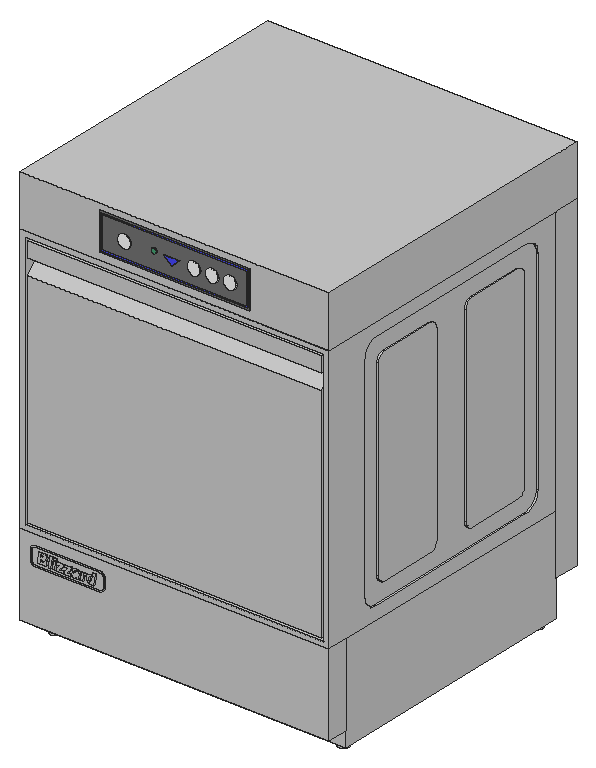
Revit family "QF_BLIZZARD_STORM50", category Specialty Equipment, Revit 2016
Family settings
  Part Type = Normal
  Round Connector Dimension = Use Diameter
  OmniClass Number = 23.40.40.14.31
  OmniClass Title = Cleaning and Disposal Equipment
  Work Plane-Based = No
  Always vertical = Yes
  Cut with Voids When Loaded = No
  Shared = No
  Room Calculation Point = No
Parameters (values of type "STORM50")
  URL = "www.blizzardequipment.com"
  Show Logo [instance] = yes
  Show Clearance [instance] = yes
  Model = "STORM50"
  Manufacturer = "BLIZZARD"
  Legs height [instance] = 170 mm
  Description = "STORM GLASSWASHER 500X500MM"
  Assembly Code = "E1090320"
Reference planes
  plane 1 "Back": y = 0
  plane 2: z = 0
  plane 3 "Left": x = 0
  plane 4 "Right": x = 600
  plane 5 "Front": y = -600
  plane 6 "Top": z = 820
Forms (mm)
  Extrusion 1, solid
    sketch origin (50, 687.394, 40) x (0, -1, 0) y (0, 0, 1)
      loop
        line (687.394, 680.013) -> (687.394, 42.551) -> (737.394, 42.551) -> (737.394, 680.013) -> (687.394, 680.013)
    from -550 to 50
  Extrusion 2, solid
    sketch origin (50, 577.394, 145) x (0, -1, 0) y (0, 0, 1)
      loop
        line (577.394, 675) -> (577.394, 575.013) -> (1177.394, 575.013) -> (1177.394, 675) -> (577.394, 675)
    from -550 to 50
  Extrusion 3, solid
    sketch origin (50, 577.394, -370) x (0, -1, 0) y (0, 0, 1)
      loop
        line (627.394, 570) -> (627.394, 381.179) -> (1137.394, 381.179) -> (1137.394, 570) -> (627.394, 570)
    from -550 to 50
  Extrusion 4, solid
    sketch origin (5.431, 66.549, -127.332) x (0, 1, 0) y (0, 0, 1)
      loop
        line (-193.549, 402.332) -> (-193.549, 772.345)
        arc (-193.549, 772.345) -> (-197.942, 782.952) -> (-208.549, 787.345) r 15
        line (-208.549, 787.345) -> (-318.549, 787.345)
        arc (-318.549, 787.345) -> (-329.155, 782.952) -> (-333.549, 772.345) r 15
        line (-333.549, 772.345) -> (-333.549, 402.332)
        arc (-333.549, 402.332) -> (-329.155, 391.725) -> (-318.549, 387.332) r 15
        line (-318.549, 387.332) -> (-208.549, 387.332)
        arc (-208.549, 387.332) -> (-197.942, 391.725) -> (-193.549, 402.332) r 15
      loop
        line (-406.549, 402.332) -> (-406.549, 772.345)
        arc (-406.549, 772.345) -> (-410.942, 782.952) -> (-421.549, 787.345) r 15
        line (-421.549, 787.345) -> (-531.549, 787.345)
        arc (-531.549, 787.345) -> (-542.155, 782.952) -> (-546.549, 772.345) r 15
        line (-546.549, 772.345) -> (-546.549, 402.332)
        arc (-546.549, 402.332) -> (-542.155, 391.725) -> (-531.549, 387.332) r 15
        line (-531.549, 387.332) -> (-421.549, 387.332)
        arc (-421.549, 387.332) -> (-410.942, 391.725) -> (-406.549, 402.332) r 15
    from -5.431 to -0.431
  Extrusion 5, solid
    sketch origin (594.569, 66.549, -130) x (0, 1, 0) y (0, 0, -1)
      loop
        arc (-193.549, -405) -> (-197.942, -394.393) -> (-208.549, -390) r 15
        line (-208.549, -390) -> (-318.549, -390)
        arc (-318.549, -390) -> (-329.155, -394.393) -> (-333.549, -405) r 15
        line (-333.549, -405) -> (-333.549, -775.013)
        arc (-333.549, -775.013) -> (-329.155, -785.62) -> (-318.549, -790.013) r 15
        line (-318.549, -790.013) -> (-208.549, -790.013)
        arc (-208.549, -790.013) -> (-197.942, -785.62) -> (-193.549, -775.013) r 15
        line (-193.549, -775.013) -> (-193.549, -405)
      loop
        arc (-406.549, -405) -> (-410.942, -394.393) -> (-421.549, -390) r 15
        line (-421.549, -390) -> (-531.549, -390)
        arc (-531.549, -390) -> (-542.155, -394.393) -> (-546.549, -405) r 15
        line (-546.549, -405) -> (-546.549, -775.013)
        arc (-546.549, -775.013) -> (-542.155, -785.62) -> (-531.549, -790.013) r 15
        line (-531.549, -790.013) -> (-421.549, -790.013)
        arc (-421.549, -790.013) -> (-410.942, -785.62) -> (-406.549, -775.013) r 15
        line (-406.549, -775.013) -> (-406.549, -405)
    from -5.431 to -0.431
  Extrusion 6, solid
    sketch origin (0, 0, -130) x (1, 0, 0) y (0, 0, 1)
      loop
        line (0, 850.013) -> (0, 330) -> (600, 330) -> (600, 850.013) -> (0, 850.013)
      loop
        line (10, 840.013) -> (10, 340) -> (590, 340) -> (590, 840.013) -> (10, 840.013)
    from 50 to 600
  Extrusion 7, solid
    sketch origin (0, 20, -135) x (0, 1, 0) y (0, 0, 1)
      loop
        line (-620, 810.013) -> (-610.417, 810.013) -> (-610.417, 828.455) -> (-590.417, 828.455) -> (-590.417, 809.243) -> (-620, 779.66) -> (-620, 350) -> (-580, 350) -> (-580, 840.013) -> (-620, 840.013) -> (-620, 810.013)
    from 15 to 585
  Extrusion 8, solid
    sketch origin (0, 20, 40) x (0, 1, 0) y (0, 0, 1)
      loop
        line (-580, 160) -> (-620, 160) -> (-620, 0) -> (-580, 0) -> (-580, 160)
    from 0 to 600
  Extrusion 9, solid
    sketch origin (0, -415, -130) x (0, 1, 0) y (0, 0, 1)
      loop
        line (-135, 840.013) -> (-145, 840.013) -> (-145, 340) -> (-135, 340) -> (-135, 840.013)
    from 10 to 590
  Extrusion 10, solid
    sketch origin (-99.268, -599.5, -21.974) x (-1, 0, 0) y (0, 0, 1)
      loop
        line (-545, 830) -> (-545, 757.559) -> (-253.536, 757.559) -> (-253.536, 830) -> (-545, 830)
    from -1 to 1
  Extrusion 11, solid, visible <- "Show Logo"
    sketch origin (-177.291, -599.5, -632.856) x (-1, 0, 0) y (0, 0, 1)
      loop
        line (-207.755, 812.856) -> (-331.271, 812.856)
        arc (-331.271, 812.856) -> (-338.67, 809.791) -> (-341.735, 802.392) r 10.464
        line (-341.735, 802.392) -> (-341.735, 787.392)
        arc (-341.735, 787.392) -> (-338.67, 779.993) -> (-331.271, 776.928) r 10.464
        line (-331.271, 776.928) -> (-207.755, 776.928)
        arc (-207.755, 776.928) -> (-200.356, 779.993) -> (-197.291, 787.392) r 10.464
        line (-197.291, 787.392) -> (-197.291, 802.392)
        arc (-197.291, 802.392) -> (-200.356, 809.791) -> (-207.755, 812.856) r 10.464
      loop
        line (-207.755, 810.856) -> (-331.271, 810.856)
        arc (-331.271, 810.856) -> (-337.256, 808.377) -> (-339.735, 802.392) r 8.464
        line (-339.735, 802.392) -> (-339.735, 787.392)
        arc (-339.735, 787.392) -> (-337.256, 781.407) -> (-331.271, 778.928) r 8.464
        line (-331.271, 778.928) -> (-207.755, 778.928)
        arc (-207.755, 778.928) -> (-201.77, 781.407) -> (-199.291, 787.392) r 8.464
        line (-199.291, 787.392) -> (-199.291, 802.392)
        arc (-199.291, 802.392) -> (-201.77, 808.377) -> (-207.755, 810.856) r 8.464
    from -1 to 1
  Extrusion 12, solid, visible <- "Show Logo"
    sketch origin (3.606, 21, -76.918) x (1, 0, 0) y (0, 0, 1)
      loop
        line (30.587, 228.481) -> (44.749, 228.857)
        arc (44.749, 228.857) -> (49.768, 233.478) -> (47.063, 239.741) r 5.894
        arc (47.063, 239.741) -> (48.729, 246.617) -> (42.285, 249.538) r 5.547
        line (42.285, 249.538) -> (33.172, 249.538) -> (30.587, 228.481)
      loop
        line (36.658, 232.978) -> (42.704, 232.978)
        arc (42.704, 232.978) -> (44.625, 234.898) -> (42.704, 236.819) r 1.921
        line (42.704, 236.819) -> (37.13, 236.819) -> (36.658, 232.978)
      loop
        line (37.256, 241.423) -> (42.802, 241.423)
        arc (42.802, 241.423) -> (44.723, 243.344) -> (42.802, 245.264) r 1.921
        line (42.802, 245.264) -> (37.728, 245.264) -> (37.256, 241.423)
      loop
        line (52.105, 228.421) -> (57.105, 228.421) -> (59.698, 249.538) -> (54.698, 249.538) -> (52.105, 228.421)
      loop
        line (60, 228.421) -> (65, 228.421) -> (66.892, 243.832) -> (61.892, 243.832) -> (60, 228.421)
      loop
        line (61.983, 244.575) -> (67.494, 244.575) -> (68.103, 249.538) -> (62.593, 249.538) -> (61.983, 244.575)
      loop
        line (68.784, 239.859) -> (74.946, 239.859) -> (67.947, 231.215) -> (67.947, 228.421) -> (81.379, 228.421) -> (81.379, 232.273) -> (75.019, 232.273) -> (82.004, 240.899) -> (82.004, 243.832) -> (69.272, 243.832) -> (68.784, 239.859)
      loop
        line (83.284, 239.859) -> (89.446, 239.859) -> (82.447, 231.215) -> (82.447, 228.421) -> (95.879, 228.421) -> (95.879, 232.273) -> (89.519, 232.273) -> (96.504, 240.899) -> (96.504, 243.832) -> (83.772, 243.832) -> (83.284, 239.859)
      loop
        arc (103.395, 238.896) -> (105.439, 241.195) -> (106.867, 238.469) r 1.87
        line (106.867, 238.469) -> (101.835, 237.44)
        arc (101.835, 237.44) -> (98.76, 230.604) -> (106.218, 229.849) r 4.62
        line (106.218, 229.849) -> (107.645, 228.421) -> (112.645, 228.421) -> (111.375, 230.622) -> (112.465, 239.505)
        arc (112.465, 239.505) -> (105.449, 244.583) -> (98.432, 239.505) r 7.387
        line (98.432, 239.505) -> (103.395, 238.896)
      loop
        line (114.231, 228.421) -> (119.218, 228.421) -> (120.249, 236.819)
        arc (120.249, 236.819) -> (122.276, 239.388) -> (125.515, 239.859) r 4.419
        line (125.515, 239.859) -> (126.961, 243.832) -> (123.41, 243.832) -> (121.123, 242.512) -> (121.123, 243.832) -> (116.123, 243.832) -> (114.231, 228.421)
      loop
        arc (137.816, 242.746) -> (125.76, 237.684) -> (136.057, 229.626) r 7.581
        line (136.057, 229.626) -> (136.057, 228.421) -> (141.057, 228.421) -> (143.65, 249.538) -> (138.65, 249.538) -> (137.816, 242.746)
      loop
        spline (133.323, 232.229) -> (134.09, 232.277) -> (134.838, 232.6) -> (135.517, 233.178) -> (136.081, 233.97) -> (136.492, 234.924) -> (136.72, 235.972) -> (136.752, 237.045) -> (136.584, 238.069) -> (136.229, 238.975) -> (135.709, 239.7) -> (135.062, 240.195) -> (134.33, 240.426)
        spline (134.33, 240.426) -> (133.564, 240.379) -> (132.816, 240.055) -> (132.136, 239.477) -> (131.572, 238.685) -> (131.162, 237.732) -> (130.933, 236.683) -> (130.901, 235.61) -> (131.069, 234.586) -> (131.425, 233.681) -> (131.944, 232.956) -> (132.592, 232.46) -> (133.323, 232.229)
    from 620 to 622
  Extrusion 13, solid, visible <- "Show Clearance", detail levels coarse
    sketch origin (0, -415, -170) x (0, 1, 0) y (0, 0, 1)
      loop
        line (-185, 385) -> (-185, 875.013)
        arc (-185, 875.013) -> (-531.492, 731.492) -> (-675.013, 385) r 490.013
        line (-675.013, 385) -> (-185, 385)
    from 15 to 585
  Extrusion 14, solid
    sketch origin (-17.519, 49.541, 0) x (1, 0, 0) y (0, 1, 0)
      loop
        circle (37.519, -589.541) r 5
    from 5.109 to 11.179
  Extrusion 15, solid
    sketch origin (-17.519, 49.541, 0) x (1, 0, 0) y (0, 1, 0)
      loop
        circle (37.519, -589.541) r 10
    from 0 to 5.109
  Extrusion 16, solid
    sketch origin (-17.519, -659.541, 0) x (1, 0, 0) y (0, 1, 0)
      loop
        circle (37.519, 589.541) r 5
    from 5.109 to 11.179
  Extrusion 17, solid
    sketch origin (-17.519, -659.541, 0) x (1, 0, 0) y (0, 1, 0)
      loop
        circle (37.519, 589.541) r 10
    from 0 to 5.109
  Extrusion 18, solid
    sketch origin (617.519, 49.541, 0) x (-1, 0, 0) y (0, -1, 0)
      loop
        circle (37.519, 589.541) r 5
    from 5.109 to 11.179
  Extrusion 19, solid
    sketch origin (617.519, 49.541, 0) x (-1, 0, 0) y (0, -1, 0)
      loop
        circle (37.519, 589.541) r 10
    from 0 to 5.109
  Extrusion 20, solid
    sketch origin (617.519, -659.541, 0) x (-1, 0, 0) y (0, -1, 0)
      loop
        circle (37.519, -589.541) r 5
    from 5.109 to 11.179
  Extrusion 21, solid
    sketch origin (617.519, -659.541, 0) x (-1, 0, 0) y (0, -1, 0)
      loop
        circle (37.519, -589.541) r 10
    from 0 to 5.109
  Extrusion 22, void
    sketch origin (8.942, 88.818, -170) x (0, 1, 0) y (0, 0, 1)
      loop
        line (-180.818, 425) -> (-180.818, 835.013)
        arc (-180.818, 835.013) -> (-189.605, 856.227) -> (-210.818, 865.013) r 30
        line (-210.818, 865.013) -> (-573.818, 865.013)
        arc (-573.818, 865.013) -> (-595.032, 856.227) -> (-603.818, 835.013) r 30
        line (-603.818, 835.013) -> (-603.818, 425)
        arc (-603.818, 425) -> (-595.032, 403.787) -> (-573.818, 395) r 30
        line (-573.818, 395) -> (-210.818, 395)
        arc (-210.818, 395) -> (-189.605, 403.787) -> (-180.818, 425) r 30
    from -13.942 to -3.942
  Extrusion 23, void
    sketch origin (591.058, 66.818, -170) x (0, 1, 0) y (0, 0, -1)
      loop
        arc (-158.818, -425) -> (-167.605, -403.787) -> (-188.818, -395) r 30
        line (-188.818, -395) -> (-551.818, -395)
        arc (-551.818, -395) -> (-573.032, -403.787) -> (-581.818, -425) r 30
        line (-581.818, -425) -> (-581.818, -835.013)
        arc (-581.818, -835.013) -> (-573.032, -856.227) -> (-551.818, -865.013) r 30
        line (-551.818, -865.013) -> (-188.818, -865.013)
        arc (-188.818, -865.013) -> (-167.605, -856.227) -> (-158.818, -835.013) r 30
        line (-158.818, -835.013) -> (-158.818, -425)
    from -13.942 to -3.942
  Extrusion 24, solid
    sketch origin (36.634, 21, 0) x (1, 0, 0) y (0, 0, 1)
      loop
        circle (166.253, 770.64) r 12.423
    from 620 to 622
  Extrusion 25, solid
    sketch origin (171.634, 21, 0) x (1, 0, 0) y (0, 0, 1)
      loop
        circle (166.253, 770.64) r 12.423
    from 620 to 622
  Extrusion 26, solid
    sketch origin (206.634, 21, 0) x (1, 0, 0) y (0, 0, 1)
      loop
        circle (166.253, 770.64) r 12.423
    from 620 to 622
  Extrusion 27, solid
    sketch origin (241.634, 21, 0) x (1, 0, 0) y (0, 0, 1)
      loop
        circle (166.253, 770.64) r 12.423
    from 620 to 622
  Extrusion 28, solid
    sketch origin (94.211, 21, 4.386) x (1, 0, 0) y (0, 0, 1)
      loop
        circle (166.253, 770.64) r 5
    from 620 to 622
  Extrusion 29, solid
    sketch origin (-99.268, -600, -26.974) x (-1, 0, 0) y (0, 0, 1)
      loop
        line (-540, 830) -> (-540, 767.559) -> (-258.536, 767.559) -> (-258.536, 830) -> (-540, 830)
      loop
        line (-542, 832) -> (-542, 765.559) -> (-256.536, 765.559) -> (-256.536, 832) -> (-542, 832)
    from -1 to 1
  Extrusion 30, solid
    sketch origin (-99.268, -600, -56.974) x (-1, 0, 0) y (0, 0, 1)
      loop
        line (-409.732, 832) -> (-394.732, 817) -> (-379.732, 832) -> (-409.732, 832)
    from -1 to 1
Cuts and joins
  Extrusion 23 cuts Extrusion 4
  Extrusion 22, Extrusion 23 cuts Extrusion 6
Lines and regions (mm)
  reference lines
    curve 1: line (0, -183.475, 1485) -> (0, -697.791, 1021.908)
  symbolic lines, style "200-EquipBorder-2D"
    curve 2: line (0, 0, 0) -> (600, 0, 0)
    curve 3: line (0, -600, 0) -> (0, 0, 0)
    curve 4: line (600, -600, 0) -> (0, -600, 0)
    curve 5: line (600, 0, 0) -> (600, -600, 0)
  symbolic lines, style "QF_Door-Drawer Clearances", visible <- "Show Clearance"
    curve 6: line (15, -600, 0) -> (15, -1090.013, 0)
    curve 7: line (15, -1090.013, 0) -> (585, -1090.013, 0)
    curve 8: line (585, -1090.013, 0) -> (585, -600, 0)
Dimensions and locks
  plane 3 "Left" to plane 4 "Right" = 600 mm
  plane 5 "Front" to plane 1 "Back" = 600 mm
  plane 1 "Back" to plane 5 "Front" = 600 mm
  plane 4 "Right" to plane 3 "Left" = 600 mm
  plane 6 "Top" to level = 820 mm  (x2)
  aligned and locked: level to plane 2
